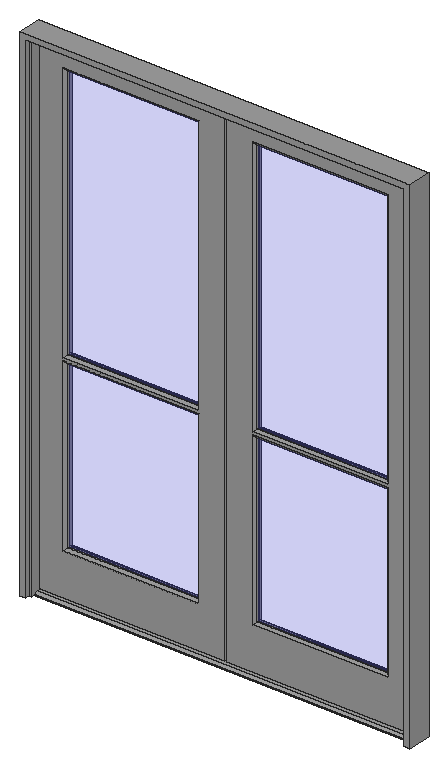
Revit family "WS-500 DOOR-Double-0.25-PD-CW_v05", category Curtain Panels, Revit 2015 (continued)
Definition of nested family "2.5x6-RTCIG CW-H8533-DHD-OHD SC-DI"
  Lines and regions (in)
    detail lines, in view "Ref. Level", detail levels fine
      curve 12: line (-1.15744, -0.875, 0) -> (-1.15744, -0.375, 0)
      curve 13: line (-1.15744, -0.375, 0) -> (-0.04794, -0.375, 0)
      curve 14: line (-0.04794, -0.375, 0) -> (-0.04794, -0.406, 0)
      curve 15: line (-0.04794, -0.406, 0) -> (0.20206, -0.406, 0)
      curve 16: line (0.28006, -0.328, 0) -> (0.03006, -0.328, 0)
      curve 17: line (0.03006, -0.328, 0) -> (0.03006, -0.25, 0)
      curve 18: line (0.03006, -0.25, 0) -> (-1.28244, -0.25, 0)
      curve 19: line (-1.28244, -0.25, 0) -> (-1.28244, -1, 0)
      curve 20: line (-1.28244, -1, 0) -> (3.21756, -1, 0)
      curve 21: line (3.21756, -1, 0) -> (3.21756, -0.25, 0)
      curve 22: line (3.21756, -0.25, 0) -> (1.90506, -0.25, 0)
      curve 23: line (1.90506, -0.25, 0) -> (1.90506, -0.328, 0)
      curve 24: line (1.90506, -0.328, 0) -> (1.65506, -0.328, 0)
      curve 25: line (0.74256, -1.173, 0) -> (0.74256, -1.143, 0)
      curve 26: line (0.74256, -1.143, 0) -> (0.79756, -1.143, 0)
      curve 27: line (0.79756, -1.143, 0) -> (0.79756, -1.438, 0)
      curve 28: line (0.79756, -1.438, 0) -> (0.74256, -1.438, 0)
      curve 29: line (0.74256, -1.438, 0) -> (0.74256, -1.408, 0)
      curve 30: line (0.68756, -1.408, 0) -> (0.68756, -1.5, 0)
      curve 31: line (0.68756, -1.5, 0) -> (2.31256, -1.5, 0)
      curve 32: line (2.31256, -1.5, 0) -> (2.31256, -1, 0)
      curve 33: line (2.31256, -1, 0) -> (2.00056, -1, 0)
      curve 34: line (2.04511, -1.062, 0) -> (2.25056, -1.062, 0)
      curve 35: line (2.25056, -1.062, 0) -> (2.25056, -1.438, 0)
      curve 36: line (2.25056, -1.438, 0) -> (0.85956, -1.438, 0)
      curve 37: line (0.85956, -1.438, 0) -> (0.85956, -1.053, 0)
      curve 38: line (0.85956, -1.053, 0) -> (0.95295, -1.053, 0)
      curve 39: line (0.99956, -1, 0) -> (0.79756, -1, 0)
      curve 40: line (0.79756, -1, 0) -> (0.79756, -1.081, 0)
      curve 41: line (0.79756, -1.081, 0) -> (0.74256, -1.081, 0)
      curve 42: line (0.74256, -1.081, 0) -> (0.74256, -1, 0)
      curve 43: line (0.74256, -1, 0) -> (0.68756, -1, 0)
      curve 44: line (0.68756, -1, 0) -> (0.68756, -1.173, 0)
      curve 45: line (-1.28244, 0, 0) -> (-1.28244, -1, 0)
      curve 46: line (-1.28244, -1, 0) -> (0.68756, -1, 0)
      curve 47: line (0.68756, -1, 0) -> (0.68756, -1.5, 0)
      curve 48: line (0.68756, -1.5, 0) -> (2.31256, -1.5, 0)
      curve 49: line (2.31256, -1.5, 0) -> (2.31256, -1, 0)
      curve 50: line (2.31256, -1, 0) -> (3.21756, -1, 0)
      curve 51: line (3.21756, -1, 0) -> (3.21756, 0, 0)
      curve 52: line (3.21756, 0, 0) -> (-1.28244, 0, 0)
      curve 53: arc (-1.28244, -0.25, 0) -> (-1.26095, -0.125, 0) -> (-1.28244, 0, 0) r 0.37439
      curve 54: arc (3.21756, 0, 0) -> (3.19608, -0.125, 0) -> (3.21756, -0.25, 0) r 0.37439
      curve 55: arc (1.95497, -1.14175, 0) -> (1.95619, -1.1362, 0) -> (1.95482, -1.13068, 0) r 0.0125
      curve 56: arc (1.98284, -1.14139, 0) -> (1.98406, -1.13584, 0) -> (1.9827, -1.13032, 0) r 0.0125
      curve 57: arc (1.01743, -1.13032, 0) -> (1.01607, -1.13584, 0) -> (1.01729, -1.14139, 0) r 0.0125
      curve 58: arc (1.0453, -1.13068, 0) -> (1.04394, -1.1362, 0) -> (1.04516, -1.14175, 0) r 0.0125
      curve 59: arc (1.10681, -1.025, 0) -> (1.10028, -1.02684, 0) -> (1.09567, -1.03182, 0) r 0.0125
      curve 60: arc (1.90446, -1.03183, 0) -> (1.89985, -1.02684, 0) -> (1.89332, -1.025, 0) r 0.0125
      curve 61: line (-1.03244, -0.25, 0) -> (-1.03244, 0, 0)
      curve 62: line (-1.03244, 0, 0) -> (2.96756, 0, 0)
      curve 63: line (2.96756, 0, 0) -> (2.96756, -0.25, 0)
      curve 64: line (2.96756, -0.25, 0) -> (-1.03244, -0.25, 0)
      curve 65: line (-1.03244, -0.25, 0) -> (2.96756, 0, 0)
      curve 66: line (-1.03244, 0, 0) -> (2.96756, -0.25, 0)
      curve 67: line (1.95497, -1.14175, 0) -> (1.89789, -1.26122, 0)
      curve 68: line (1.89789, -1.26122, 0) -> (1.92045, -1.272, 0)
      curve 69: line (1.92045, -1.272, 0) -> (1.98284, -1.14139, 0)
      curve 70: line (1.9827, -1.13032, 0) -> (1.92904, -1.025, 0)
      curve 71: line (1.92904, -1.025, 0) -> (1.95506, -1.025, 0)
      curve 72: line (1.95506, -1.025, 0) -> (1.95506, -1, 0)
      curve 73: line (1.95506, -1, 0) -> (1.04506, -1, 0)
      curve 74: line (1.04506, -1, 0) -> (1.04506, -1.025, 0)
      curve 75: line (1.04506, -1.025, 0) -> (1.07109, -1.025, 0)
      curve 76: line (1.07109, -1.025, 0) -> (1.01743, -1.13032, 0)
      curve 77: line (1.01729, -1.14139, 0) -> (1.07968, -1.272, 0)
      curve 78: line (1.07968, -1.272, 0) -> (1.10224, -1.26122, 0)
      curve 79: line (1.10224, -1.26122, 0) -> (1.04516, -1.14175, 0)
      curve 80: line (1.0453, -1.13068, 0) -> (1.09567, -1.03182, 0)
      curve 81: line (1.10681, -1.025, 0) -> (1.89332, -1.025, 0)
      curve 82: line (1.90446, -1.03183, 0) -> (1.95482, -1.13068, 0)
      curve 83: line (0.54796, -1.18033, 0) -> (0.56296, -1.18633, 0)
      curve 84: line (0.56296, -1.18633, 0) -> (0.57696, -1.19533, 0)
      curve 85: line (0.57696, -1.19533, 0) -> (0.60296, -1.19933, 0)
      curve 86: line (0.60296, -1.19933, 0) -> (0.62096, -1.20333, 0)
      curve 87: line (0.62096, -1.20333, 0) -> (0.65696, -1.20433, 0)
      curve 88: line (0.65696, -1.20433, 0) -> (0.67296, -1.20633, 0)
      curve 89: line (0.67296, -1.20633, 0) -> (0.69296, -1.20833, 0)
      curve 90: line (0.69296, -1.20833, 0) -> (0.69696, -1.21433, 0)
      curve 91: line (0.69696, -1.21433, 0) -> (0.70996, -1.20833, 0)
      curve 92: line (0.70996, -1.20833, 0) -> (0.69696, -1.21433, 0)
      curve 93: line (0.55396, -1.35233, 0) -> (0.58296, -1.35233, 0)
      curve 94: line (0.58296, -1.35233, 0) -> (0.60796, -1.35233, 0)
      curve 95: line (0.60796, -1.35233, 0) -> (0.62496, -1.35433, 0)
      curve 96: line (0.62496, -1.35433, 0) -> (0.65696, -1.35433, 0)
      curve 97: line (0.65696, -1.35433, 0) -> (0.67696, -1.35533, 0)
      curve 98: line (0.67696, -1.35533, 0) -> (0.70396, -1.36133, 0)
      curve 99: line (0.70396, -1.36133, 0) -> (0.67496, -1.36433, 0)
      curve 100: line (0.67496, -1.36433, 0) -> (0.68996, -1.37033, 0)
      curve 101: line (0.68996, -1.37033, 0) -> (0.67296, -1.36633, 0)
      curve 102: line (0.67296, -1.36633, 0) -> (0.65096, -1.36833, 0)
      curve 103: line (0.65096, -1.36833, 0) -> (0.58796, -1.37733, 0)
      curve 104: line (0.58796, -1.37733, 0) -> (0.60596, -1.37733, 0)
      curve 105: line (0.60596, -1.37733, 0) -> (0.61696, -1.37533, 0)
      curve 106: line (0.61696, -1.37533, 0) -> (0.63196, -1.37433, 0)
      curve 107: line (0.63196, -1.37433, 0) -> (0.65896, -1.37233, 0)
      curve 108: line (0.65896, -1.37233, 0) -> (0.67896, -1.37033, 0)
      curve 109: line (0.67896, -1.37033, 0) -> (0.65296, -1.36633, 0)
      curve 110: line (0.65296, -1.36633, 0) -> (0.62296, -1.36633, 0)
      curve 111: line (0.62296, -1.36633, 0) -> (0.58996, -1.36433, 0)
      curve 112: line (0.58996, -1.36433, 0) -> (0.54796, -1.36933, 0)
      curve 113: line (0.57196, -1.38433, 0) -> (0.58996, -1.38133, 0)
      curve 114: line (0.58996, -1.38133, 0) -> (0.54796, -1.38833, 0)
      curve 115: line (0.54796, -1.38833, 0) -> (0.57196, -1.38433, 0)
      curve 116: line (0.54996, -1.24133, 0) -> (0.56796, -1.23933, 0)
      curve 117: line (0.56796, -1.23933, 0) -> (0.58096, -1.23733, 0)
      curve 118: line (0.58096, -1.23733, 0) -> (0.59396, -1.23533, 0)
      curve 119: line (0.59396, -1.23533, 0) -> (0.61496, -1.23533, 0)
      curve 120: line (0.61496, -1.23533, 0) -> (0.62796, -1.23533, 0)
      curve 121: line (0.62796, -1.23533, 0) -> (0.65696, -1.23733, 0)
      curve 122: line (0.65696, -1.23733, 0) -> (0.67096, -1.23733, 0)
      curve 123: line (0.67096, -1.23733, 0) -> (0.67896, -1.23933, 0)
      curve 124: line (0.67896, -1.23933, 0) -> (0.69696, -1.24133, 0)
      curve 125: line (0.69696, -1.24133, 0) -> (0.71096, -1.24433, 0)
      curve 126: line (0.71096, -1.24433, 0) -> (0.72796, -1.25233, 0)
      curve 127: line (0.72796, -1.25233, 0) -> (0.74196, -1.25233, 0)
      curve 128: line (0.74196, -1.25233, 0) -> (0.72596, -1.24433, 0)
      curve 129: line (0.72596, -1.24433, 0) -> (0.71096, -1.25033, 0)
      curve 130: line (0.71096, -1.25033, 0) -> (0.70196, -1.25033, 0)
      curve 131: line (0.70196, -1.25033, 0) -> (0.68596, -1.25033, 0)
      curve 132: line (0.68596, -1.25033, 0) -> (0.67096, -1.24633, 0)
      curve 133: line (0.67096, -1.24633, 0) -> (0.65496, -1.24633, 0)
      curve 134: line (0.65496, -1.24633, 0) -> (0.62296, -1.24633, 0)
      curve 135: line (0.62296, -1.24633, 0) -> (0.60596, -1.24633, 0)
      curve 136: line (0.60596, -1.24633, 0) -> (0.59396, -1.24633, 0)
      curve 137: line (0.59396, -1.24633, 0) -> (0.54796, -1.25433, 0)
      curve 138: line (0.54996, -1.20833, 0) -> (0.56096, -1.20833, 0)
      curve 139: line (0.56096, -1.20833, 0) -> (0.58096, -1.20833, 0)
      curve 140: line (0.58096, -1.20833, 0) -> (0.59196, -1.20633, 0)
      curve 141: line (0.59196, -1.20633, 0) -> (0.59896, -1.20633, 0)
      curve 142: line (0.59896, -1.20633, 0) -> (0.60596, -1.20833, 0)
      curve 143: line (0.60596, -1.20833, 0) -> (0.62296, -1.21433, 0)
      curve 144: line (0.62296, -1.21433, 0) -> (0.65496, -1.21233, 0)
      curve 145: line (0.65496, -1.21233, 0) -> (0.66196, -1.21033, 0)
      curve 146: line (0.66196, -1.21033, 0) -> (0.67096, -1.21233, 0)
      curve 147: line (0.67096, -1.21233, 0) -> (0.68096, -1.21233, 0)
      curve 148: line (0.68096, -1.21233, 0) -> (0.68996, -1.21233, 0)
      curve 149: line (0.74596, -1.21033, 0) -> (0.73496, -1.21033, 0)
      curve 150: line (0.73496, -1.21033, 0) -> (0.74196, -1.21033, 0)
      curve 151: line (0.74196, -1.21033, 0) -> (0.75296, -1.21033, 0)
      curve 152: line (0.75296, -1.21033, 0) -> (0.76396, -1.21033, 0)
      curve 153: line (0.76396, -1.21033, 0) -> (0.77496, -1.20633, 0)
      curve 154: line (0.77896, -1.20633, 0) -> (0.76796, -1.20633, 0)
      curve 155: line (0.76796, -1.20633, 0) -> (0.76096, -1.20633, 0)
      curve 156: line (0.76096, -1.20633, 0) -> (0.75296, -1.20833, 0)
      curve 157: line (0.75296, -1.20833, 0) -> (0.74596, -1.21033, 0)
      curve 158: line (0.78096, -1.27033, 0) -> (0.76996, -1.27233, 0)
      curve 159: line (0.76996, -1.27233, 0) -> (0.75496, -1.27433, 0)
      curve 160: line (0.75496, -1.27433, 0) -> (0.74396, -1.27433, 0)
      curve 161: line (0.74396, -1.27433, 0) -> (0.73496, -1.27433, 0)
      curve 162: line (0.73496, -1.27433, 0) -> (0.71496, -1.27433, 0)
      curve 163: line (0.71496, -1.27433, 0) -> (0.69696, -1.27433, 0)
      curve 164: line (0.69696, -1.27433, 0) -> (0.67496, -1.27033, 0)
      curve 165: line (0.67496, -1.27033, 0) -> (0.65696, -1.27033, 0)
      curve 166: line (0.65696, -1.27033, 0) -> (0.60996, -1.27033, 0)
      curve 167: line (0.60996, -1.27033, 0) -> (0.57396, -1.27033, 0)
      curve 168: line (0.57396, -1.27033, 0) -> (0.54796, -1.26833, 0)
      curve 169: line (0.54796, -1.26133, 0) -> (0.56796, -1.26133, 0)
      curve 170: line (0.56796, -1.26133, 0) -> (0.59696, -1.26133, 0)
      curve 171: line (0.59696, -1.26133, 0) -> (0.62496, -1.26133, 0)
      curve 172: line (0.62496, -1.26133, 0) -> (0.66796, -1.26333, 0)
      curve 173: line (0.66796, -1.26333, 0) -> (0.70096, -1.26433, 0)
      curve 174: line (0.70096, -1.26433, 0) -> (0.71896, -1.26333, 0)
      curve 175: line (0.71896, -1.26333, 0) -> (0.73296, -1.26333, 0)
      curve 176: line (0.73296, -1.26333, 0) -> (0.75096, -1.26333, 0)
      curve 177: line (0.75096, -1.26333, 0) -> (0.76096, -1.26333, 0)
      curve 178: line (0.76096, -1.26333, 0) -> (0.76796, -1.26333, 0)
      curve 179: line (0.76796, -1.26333, 0) -> (0.78096, -1.26333, 0)
      curve 180: line (0.78096, -1.25133, 0) -> (0.76996, -1.25033, 0)
      curve 181: line (0.76996, -1.25033, 0) -> (0.76196, -1.25033, 0)
      curve 182: line (0.76196, -1.25033, 0) -> (0.75096, -1.25233, 0)
      curve 183: line (0.75096, -1.25233, 0) -> (0.74196, -1.25233, 0)
      curve 184: line (0.74196, -1.25233, 0) -> (0.74996, -1.24833, 0)
      curve 185: line (0.74996, -1.24833, 0) -> (0.76396, -1.24633, 0)
      curve 186: line (0.76396, -1.24633, 0) -> (0.77496, -1.24333, 0)
      curve 187: line (0.76996, -1.22433, 0) -> (0.75496, -1.22433, 0)
      curve 188: line (0.75496, -1.22433, 0) -> (0.74196, -1.22633, 0)
      curve 189: line (0.74196, -1.22633, 0) -> (0.73296, -1.22633, 0)
      curve 190: line (0.73296, -1.22633, 0) -> (0.70996, -1.22433, 0)
      curve 191: line (0.70996, -1.22433, 0) -> (0.69896, -1.22333, 0)
      curve 192: line (0.69896, -1.22333, 0) -> (0.67696, -1.22433, 0)
      curve 193: line (0.67696, -1.22433, 0) -> (0.65296, -1.22333, 0)
      curve 194: line (0.65296, -1.22333, 0) -> (0.62296, -1.22333, 0)
      curve 195: line (0.62296, -1.22333, 0) -> (0.59896, -1.22133, 0)
      curve 196: line (0.59896, -1.22133, 0) -> (0.58096, -1.22133, 0)
      curve 197: line (0.58096, -1.22133, 0) -> (0.56096, -1.22133, 0)
      curve 198: line (0.56096, -1.22133, 0) -> (0.54796, -1.22233, 0)
      curve 199: line (0.73496, -1.21033, 0) -> (0.71896, -1.21233, 0)
      curve 200: line (0.71896, -1.21233, 0) -> (0.70996, -1.20833, 0)
      curve 201: line (0.70996, -1.20833, 0) -> (0.72396, -1.20833, 0)
      curve 202: line (0.72396, -1.20833, 0) -> (0.73296, -1.21233, 0)
      curve 203: line (0.73296, -1.37433, 0) -> (0.74396, -1.37433, 0)
      curve 204: line (0.74396, -1.37433, 0) -> (0.76096, -1.37433, 0)
      curve 205: line (0.76096, -1.37433, 0) -> (0.77296, -1.37433, 0)
      curve 206: line (0.78096, -1.37033, 0) -> (0.77096, -1.37033, 0)
      curve 207: line (0.77096, -1.37033, 0) -> (0.75496, -1.37033, 0)
      curve 208: line (0.75496, -1.37033, 0) -> (0.74796, -1.36833, 0)
      curve 209: line (0.74796, -1.36833, 0) -> (0.74096, -1.36833, 0)
      curve 210: line (0.74096, -1.36833, 0) -> (0.72996, -1.36633, 0)
      curve 211: line (0.72996, -1.36633, 0) -> (0.71496, -1.36633, 0)
      curve 212: line (0.71496, -1.36633, 0) -> (0.70396, -1.36633, 0)
      curve 213: line (0.70396, -1.36633, 0) -> (0.68996, -1.37033, 0)
      curve 214: line (0.68996, -1.37033, 0) -> (0.70596, -1.37233, 0)
      curve 215: line (0.70596, -1.37233, 0) -> (0.72096, -1.37233, 0)
      curve 216: line (0.72096, -1.37233, 0) -> (0.73296, -1.37433, 0)
      curve 217: line (0.75896, -1.35433, 0) -> (0.74796, -1.35033, 0)
      curve 218: line (0.74796, -1.35033, 0) -> (0.76396, -1.34633, 0)
      curve 219: line (0.76396, -1.34633, 0) -> (0.77296, -1.34633, 0)
      curve 220: line (0.77296, -1.34633, 0) -> (0.78096, -1.34833, 0)
      curve 221: line (0.78096, -1.34833, 0) -> (0.77296, -1.35433, 0)
      curve 222: line (0.77296, -1.35433, 0) -> (0.76596, -1.35433, 0)
      curve 223: line (0.76596, -1.35433, 0) -> (0.75896, -1.35433, 0)
      curve 224: line (0.54796, -1.31033, 0) -> (0.55896, -1.31033, 0)
      curve 225: line (0.55896, -1.31033, 0) -> (0.58796, -1.30833, 0)
      curve 226: line (0.58796, -1.30833, 0) -> (0.61496, -1.30833, 0)
      curve 227: line (0.61496, -1.30833, 0) -> (0.62796, -1.30833, 0)
      curve 228: line (0.62796, -1.30833, 0) -> (0.66196, -1.31033, 0)
      curve 229: line (0.66196, -1.31033, 0) -> (0.68096, -1.31233, 0)
      curve 230: line (0.68096, -1.31233, 0) -> (0.69896, -1.31433, 0)
      curve 231: line (0.69896, -1.31433, 0) -> (0.72096, -1.31433, 0)
      curve 232: line (0.72096, -1.31433, 0) -> (0.73696, -1.31433, 0)
      curve 233: line (0.73696, -1.31433, 0) -> (0.75896, -1.31433, 0)
      curve 234: line (0.75896, -1.31433, 0) -> (0.76596, -1.31433, 0)
      curve 235: line (0.76596, -1.31433, 0) -> (0.77896, -1.31033, 0)
      curve 236: line (0.54796, -1.32333, 0) -> (0.57896, -1.32133, 0)
      curve 237: line (0.57896, -1.32133, 0) -> (0.60496, -1.31933, 0)
      curve 238: line (0.60496, -1.31933, 0) -> (0.61896, -1.31933, 0)
      curve 239: line (0.61896, -1.31933, 0) -> (0.66196, -1.31933, 0)
      curve 240: line (0.66196, -1.31933, 0) -> (0.67696, -1.32133, 0)
      curve 241: line (0.67696, -1.32133, 0) -> (0.70096, -1.32133, 0)
      curve 242: line (0.70096, -1.32133, 0) -> (0.71496, -1.32133, 0)
      curve 243: line (0.71496, -1.32133, 0) -> (0.73496, -1.32133, 0)
      curve 244: line (0.73496, -1.32133, 0) -> (0.75096, -1.32333, 0)
      curve 245: line (0.75096, -1.32333, 0) -> (0.76196, -1.32433, 0)
      curve 246: line (0.76196, -1.32433, 0) -> (0.77096, -1.32433, 0)
      curve 247: line (0.77096, -1.32433, 0) -> (0.78096, -1.32433, 0)
      curve 248: line (0.73296, -1.35433, 0) -> (0.74796, -1.35433, 0)
      curve 249: line (0.74796, -1.35433, 0) -> (0.72596, -1.35733, 0)
      curve 250: line (0.72596, -1.35733, 0) -> (0.73296, -1.35433, 0)
      curve 251: line (0.71296, -1.35533, 0) -> (0.70396, -1.36133, 0)
      curve 252: line (0.70396, -1.36133, 0) -> (0.72596, -1.35733, 0)
      curve 253: line (0.72596, -1.35733, 0) -> (0.71296, -1.35533, 0)
      curve 254: line (0.54796, -1.29533, 0) -> (0.57696, -1.29533, 0)
      curve 255: line (0.57696, -1.29533, 0) -> (0.60996, -1.29533, 0)
      curve 256: line (0.60996, -1.29533, 0) -> (0.65296, -1.29533, 0)
      curve 257: line (0.65296, -1.29533, 0) -> (0.67296, -1.29533, 0)
      curve 258: line (0.67296, -1.29533, 0) -> (0.69896, -1.29933, 0)
      curve 259: line (0.69896, -1.29933, 0) -> (0.70796, -1.29933, 0)
      curve 260: line (0.70796, -1.29933, 0) -> (0.72096, -1.30133, 0)
      curve 261: line (0.72096, -1.30133, 0) -> (0.73296, -1.30133, 0)
      curve 262: line (0.73296, -1.30133, 0) -> (0.74396, -1.30133, 0)
      curve 263: line (0.74396, -1.30133, 0) -> (0.75296, -1.30133, 0)
      curve 264: line (0.75296, -1.30133, 0) -> (0.76996, -1.29933, 0)
      curve 265: line (0.76996, -1.29933, 0) -> (0.77696, -1.29933, 0)
      curve 266: line (0.77696, -1.29933, 0) -> (0.77696, -1.2896, 0)
      curve 267: line (0.78096, -1.28933, 0) -> (0.76596, -1.29033, 0)
      curve 268: line (0.76596, -1.29033, 0) -> (0.75496, -1.29033, 0)
      curve 269: line (0.75496, -1.29033, 0) -> (0.74096, -1.29233, 0)
      curve 270: line (0.74096, -1.29233, 0) -> (0.70996, -1.28833, 0)
      curve 271: line (0.70996, -1.28833, 0) -> (0.69296, -1.28833, 0)
      curve 272: line (0.69296, -1.28833, 0) -> (0.67696, -1.28833, 0)
      curve 273: line (0.67696, -1.28833, 0) -> (0.66096, -1.28633, 0)
      curve 274: line (0.66096, -1.28633, 0) -> (0.62296, -1.28633, 0)
      curve 275: line (0.62296, -1.28633, 0) -> (0.60096, -1.28433, 0)
      curve 276: line (0.60096, -1.28433, 0) -> (0.56096, -1.28333, 0)
      curve 277: line (0.56096, -1.28333, 0) -> (0.54796, -1.28333, 0)
      curve 278: line (0.54796, -1.33833, 0) -> (0.57896, -1.33533, 0)
      curve 279: line (0.57896, -1.33533, 0) -> (0.61496, -1.33733, 0)
      curve 280: line (0.61496, -1.33733, 0) -> (0.65296, -1.33733, 0)
      curve 281: line (0.65296, -1.33733, 0) -> (0.67496, -1.33733, 0)
      curve 282: line (0.67496, -1.33733, 0) -> (0.69496, -1.33733, 0)
      curve 283: line (0.69496, -1.33733, 0) -> (0.70996, -1.33733, 0)
      curve 284: line (0.70996, -1.33733, 0) -> (0.72596, -1.33933, 0)
      curve 285: line (0.72596, -1.33933, 0) -> (0.73696, -1.33933, 0)
      curve 286: line (0.73696, -1.33933, 0) -> (0.74796, -1.33933, 0)
      curve 287: line (0.74796, -1.33933, 0) -> (0.75896, -1.33933, 0)
      curve 288: line (0.75896, -1.33933, 0) -> (0.77696, -1.33733, 0)
      curve 289: line (0.78096, -1.41933, 0) -> (0.78096, -1.15933, 0)
    detail lines, in view "Ref. Level", detail levels medium
      curve 290: arc (1.65506, -0.328, 0) -> (1.67791, -0.38315, 0) -> (1.73306, -0.406, 0) r 0.078
      curve 291: arc (0.20206, -0.406, 0) -> (0.25722, -0.38315, 0) -> (0.28006, -0.328, 0) r 0.078
      curve 292: arc (0.68756, -1.173, 0) -> (0.71506, -1.2005, 0) -> (0.74256, -1.173, 0) r 0.0275
      curve 293: arc (0.74256, -1.408, 0) -> (0.71506, -1.3805, 0) -> (0.68756, -1.408, 0) r 0.0275
      curve 294: arc (2.00056, -1, 0) -> (1.96239, -1.07442, 0) -> (2.04511, -1.062, 0) r 0.047
      curve 295: arc (0.95295, -1.053, 0) -> (1.03486, -1.07804, 0) -> (0.99956, -1, 0) r 0.047
      curve 296: line (1.73306, -0.406, 0) -> (1.98306, -0.406, 0)
      curve 297: line (1.98306, -0.406, 0) -> (1.98306, -0.375, 0)
      curve 298: line (1.98306, -0.375, 0) -> (3.09256, -0.375, 0)
      curve 299: line (3.09256, -0.375, 0) -> (3.09256, -0.875, 0)
      curve 300: line (3.09256, -0.875, 0) -> (-1.15744, -0.875, 0)
      curve 301: line (-1.15744, -0.875, 0) -> (-1.15744, -0.375, 0)
      curve 302: line (-1.15744, -0.375, 0) -> (-0.04794, -0.375, 0)
      curve 303: line (-0.04794, -0.375, 0) -> (-0.04794, -0.406, 0)
      curve 304: line (-0.04794, -0.406, 0) -> (0.20206, -0.406, 0)
      curve 305: line (0.28006, -0.328, 0) -> (0.03006, -0.328, 0)
      curve 306: line (0.03006, -0.328, 0) -> (0.03006, -0.25, 0)
      curve 307: line (0.03006, -0.25, 0) -> (-1.28244, -0.25, 0)
      curve 308: line (-1.28244, -0.25, 0) -> (-1.28244, -1, 0)
      curve 309: line (-1.28244, -1, 0) -> (3.21756, -1, 0)
      curve 310: line (3.21756, -1, 0) -> (3.21756, -0.25, 0)
      curve 311: line (3.21756, -0.25, 0) -> (1.90506, -0.25, 0)
      curve 312: line (1.90506, -0.25, 0) -> (1.90506, -0.328, 0)
      curve 313: line (1.90506, -0.328, 0) -> (1.65506, -0.328, 0)
      curve 314: line (0.74256, -1.173, 0) -> (0.74256, -1.143, 0)
      curve 315: line (0.74256, -1.143, 0) -> (0.79756, -1.143, 0)
      curve 316: line (0.79756, -1.143, 0) -> (0.79756, -1.438, 0)
      curve 317: line (0.79756, -1.438, 0) -> (0.74256, -1.438, 0)
      curve 318: line (0.74256, -1.438, 0) -> (0.74256, -1.408, 0)
      curve 319: line (0.68756, -1.408, 0) -> (0.68756, -1.5, 0)
      curve 320: line (0.68756, -1.5, 0) -> (2.31256, -1.5, 0)
      curve 321: line (2.31256, -1.5, 0) -> (2.31256, -1, 0)
      curve 322: line (2.31256, -1, 0) -> (2.00056, -1, 0)
      curve 323: line (2.04511, -1.062, 0) -> (2.25056, -1.062, 0)
      curve 324: line (2.25056, -1.062, 0) -> (2.25056, -1.438, 0)
      curve 325: line (2.25056, -1.438, 0) -> (0.85956, -1.438, 0)
      curve 326: line (0.85956, -1.438, 0) -> (0.85956, -1.053, 0)
      curve 327: line (0.85956, -1.053, 0) -> (0.95295, -1.053, 0)
      curve 328: line (0.99956, -1, 0) -> (0.79756, -1, 0)
      curve 329: line (0.79756, -1, 0) -> (0.79756, -1.081, 0)
      curve 330: line (0.79756, -1.081, 0) -> (0.74256, -1.081, 0)
      curve 331: line (0.74256, -1.081, 0) -> (0.74256, -1, 0)
      curve 332: line (0.74256, -1, 0) -> (0.68756, -1, 0)
      curve 333: line (0.68756, -1, 0) -> (0.68756, -1.173, 0)
      curve 334: line (-1.28244, 0, 0) -> (-1.28244, -1, 0)
      curve 335: line (-1.28244, -1, 0) -> (0.68756, -1, 0)
      curve 336: line (0.68756, -1, 0) -> (0.68756, -1.5, 0)
      curve 337: line (0.68756, -1.5, 0) -> (2.31256, -1.5, 0)
      curve 338: line (2.31256, -1.5, 0) -> (2.31256, -1, 0)
      curve 339: line (2.31256, -1, 0) -> (3.21756, -1, 0)
      curve 340: line (3.21756, -1, 0) -> (3.21756, 0, 0)
      curve 341: line (3.21756, 0, 0) -> (-1.28244, 0, 0)
    detail lines, in view "Ref. Level", not visible, detail levels fine
      curve 342: arc (1.65506, -0.328, 0) -> (1.67791, -0.38315, 0) -> (1.73306, -0.406, 0) r 0.078
      curve 343: arc (0.20206, -0.406, 0) -> (0.25722, -0.38315, 0) -> (0.28006, -0.328, 0) r 0.078
      curve 344: arc (0.68756, -1.173, 0) -> (0.71506, -1.2005, 0) -> (0.74256, -1.173, 0) r 0.0275
      curve 345: arc (0.74256, -1.408, 0) -> (0.71506, -1.3805, 0) -> (0.68756, -1.408, 0) r 0.0275
      curve 346: arc (2.00056, -1, 0) -> (1.96239, -1.07442, 0) -> (2.04511, -1.062, 0) r 0.047
      curve 347: arc (0.95295, -1.053, 0) -> (1.03486, -1.07804, 0) -> (0.99956, -1, 0) r 0.047
      curve 348: line (1.73306, -0.406, 0) -> (1.98306, -0.406, 0)
      curve 349: line (1.98306, -0.406, 0) -> (1.98306, -0.375, 0)
      curve 350: line (1.98306, -0.375, 0) -> (3.09256, -0.375, 0)
      curve 351: line (3.09256, -0.375, 0) -> (3.09256, -0.875, 0)
      curve 352: line (3.09256, -0.875, 0) -> (-1.15744, -0.875, 0)
      curve 353: line (-1.15744, -0.875, 0) -> (-1.15744, -0.375, 0)
      curve 354: line (-1.15744, -0.375, 0) -> (-0.04794, -0.375, 0)
      curve 355: line (-0.04794, -0.375, 0) -> (-0.04794, -0.406, 0)
      curve 356: line (-0.04794, -0.406, 0) -> (0.20206, -0.406, 0)
      curve 357: line (0.28006, -0.328, 0) -> (0.03006, -0.328, 0)
      curve 358: line (0.03006, -0.328, 0) -> (0.03006, -0.25, 0)
      curve 359: line (0.03006, -0.25, 0) -> (-1.28244, -0.25, 0)
      curve 360: line (-1.28244, -0.25, 0) -> (-1.28244, -1, 0)
      curve 361: line (-1.28244, -1, 0) -> (3.21756, -1, 0)
      curve 362: line (3.21756, -1, 0) -> (3.21756, -0.25, 0)
      curve 363: line (3.21756, -0.25, 0) -> (1.90506, -0.25, 0)
      curve 364: line (1.90506, -0.25, 0) -> (1.90506, -0.328, 0)
      curve 365: line (1.90506, -0.328, 0) -> (1.65506, -0.328, 0)
      curve 366: line (0.74256, -1.173, 0) -> (0.74256, -1.143, 0)
      curve 367: line (0.74256, -1.143, 0) -> (0.79756, -1.143, 0)
      curve 368: line (0.79756, -1.143, 0) -> (0.79756, -1.438, 0)
      curve 369: line (0.79756, -1.438, 0) -> (0.74256, -1.438, 0)
      curve 370: line (0.74256, -1.438, 0) -> (0.74256, -1.408, 0)
      curve 371: line (0.68756, -1.408, 0) -> (0.68756, -1.5, 0)
      curve 372: line (0.68756, -1.5, 0) -> (2.31256, -1.5, 0)
      curve 373: line (2.31256, -1.5, 0) -> (2.31256, -1, 0)
      curve 374: line (2.31256, -1, 0) -> (2.00056, -1, 0)
      curve 375: line (2.04511, -1.062, 0) -> (2.25056, -1.062, 0)
      curve 376: line (2.25056, -1.062, 0) -> (2.25056, -1.438, 0)
      curve 377: line (2.25056, -1.438, 0) -> (0.85956, -1.438, 0)
      curve 378: line (0.85956, -1.438, 0) -> (0.85956, -1.053, 0)
      curve 379: line (0.85956, -1.053, 0) -> (0.95295, -1.053, 0)
      curve 380: line (0.99956, -1, 0) -> (0.79756, -1, 0)
      curve 381: line (0.79756, -1, 0) -> (0.79756, -1.081, 0)
      curve 382: line (0.79756, -1.081, 0) -> (0.74256, -1.081, 0)
      curve 383: line (0.74256, -1.081, 0) -> (0.74256, -1, 0)
      curve 384: line (0.74256, -1, 0) -> (0.68756, -1, 0)
      curve 385: line (0.68756, -1, 0) -> (0.68756, -1.173, 0)
      curve 386: line (-1.28244, 0, 0) -> (-1.28244, -1, 0)
      curve 387: line (-1.28244, -1, 0) -> (0.68756, -1, 0)
      curve 388: line (0.68756, -1, 0) -> (0.68756, -1.5, 0)
      curve 389: line (0.68756, -1.5, 0) -> (2.31256, -1.5, 0)
      curve 390: line (2.31256, -1.5, 0) -> (2.31256, -1, 0)
      curve 391: line (2.31256, -1, 0) -> (3.21756, -1, 0)
      curve 392: line (3.21756, -1, 0) -> (3.21756, 0, 0)
      curve 393: line (3.21756, 0, 0) -> (-1.28244, 0, 0)
      curve 394: arc (-1.28244, -0.25, 0) -> (-1.26095, -0.125, 0) -> (-1.28244, 0, 0) r 0.37439
      curve 395: arc (3.21756, 0, 0) -> (3.19608, -0.125, 0) -> (3.21756, -0.25, 0) r 0.37439
      curve 396: arc (1.95497, -1.14175, 0) -> (1.95619, -1.1362, 0) -> (1.95482, -1.13068, 0) r 0.0125
      curve 397: arc (1.98284, -1.14139, 0) -> (1.98406, -1.13584, 0) -> (1.9827, -1.13032, 0) r 0.0125
      curve 398: arc (1.01743, -1.13032, 0) -> (1.01607, -1.13584, 0) -> (1.01729, -1.14139, 0) r 0.0125
      curve 399: arc (1.0453, -1.13068, 0) -> (1.04394, -1.1362, 0) -> (1.04516, -1.14175, 0) r 0.0125
      curve 400: arc (1.10681, -1.025, 0) -> (1.10028, -1.02684, 0) -> (1.09567, -1.03182, 0) r 0.0125
      curve 401: arc (1.90446, -1.03183, 0) -> (1.89985, -1.02684, 0) -> (1.89332, -1.025, 0) r 0.0125
      curve 402: line (-1.03244, -0.25, 0) -> (-1.03244, 0, 0)
      curve 403: line (-1.03244, 0, 0) -> (2.96756, 0, 0)
      curve 404: line (2.96756, 0, 0) -> (2.96756, -0.25, 0)
      curve 405: line (2.96756, -0.25, 0) -> (-1.03244, -0.25, 0)
      curve 406: line (-1.03244, -0.25, 0) -> (2.96756, 0, 0)
      curve 407: line (-1.03244, 0, 0) -> (2.96756, -0.25, 0)
      curve 408: line (1.95497, -1.14175, 0) -> (1.89789, -1.26122, 0)
      curve 409: line (1.89789, -1.26122, 0) -> (1.92045, -1.272, 0)
      curve 410: line (1.92045, -1.272, 0) -> (1.98284, -1.14139, 0)
      curve 411: line (1.9827, -1.13032, 0) -> (1.92904, -1.025, 0)
      curve 412: line (1.92904, -1.025, 0) -> (1.95506, -1.025, 0)
      curve 413: line (1.95506, -1.025, 0) -> (1.95506, -1, 0)
      curve 414: line (1.95506, -1, 0) -> (1.04506, -1, 0)
      curve 415: line (1.04506, -1, 0) -> (1.04506, -1.025, 0)
      curve 416: line (1.04506, -1.025, 0) -> (1.07109, -1.025, 0)
      curve 417: line (1.07109, -1.025, 0) -> (1.01743, -1.13032, 0)
      curve 418: line (1.01729, -1.14139, 0) -> (1.07968, -1.272, 0)
      curve 419: line (1.07968, -1.272, 0) -> (1.10224, -1.26122, 0)
      curve 420: line (1.10224, -1.26122, 0) -> (1.04516, -1.14175, 0)
      curve 421: line (1.0453, -1.13068, 0) -> (1.09567, -1.03182, 0)
      curve 422: line (1.10681, -1.025, 0) -> (1.89332, -1.025, 0)
      curve 423: line (1.90446, -1.03183, 0) -> (1.95482, -1.13068, 0)
      curve 424: line (0.54796, -1.18033, 0) -> (0.56296, -1.18633, 0)
      curve 425: line (0.56296, -1.18633, 0) -> (0.57696, -1.19533, 0)
      curve 426: line (0.57696, -1.19533, 0) -> (0.60296, -1.19933, 0)
      curve 427: line (0.60296, -1.19933, 0) -> (0.62096, -1.20333, 0)
      curve 428: line (0.62096, -1.20333, 0) -> (0.65696, -1.20433, 0)
      curve 429: line (0.65696, -1.20433, 0) -> (0.67296, -1.20633, 0)
      curve 430: line (0.67296, -1.20633, 0) -> (0.69296, -1.20833, 0)
      curve 431: line (0.69296, -1.20833, 0) -> (0.69696, -1.21433, 0)
      curve 432: line (0.69696, -1.21433, 0) -> (0.70996, -1.20833, 0)
      curve 433: line (0.70996, -1.20833, 0) -> (0.69696, -1.21433, 0)
      curve 434: line (0.55396, -1.35233, 0) -> (0.58296, -1.35233, 0)
      curve 435: line (0.58296, -1.35233, 0) -> (0.60796, -1.35233, 0)
      curve 436: line (0.60796, -1.35233, 0) -> (0.62496, -1.35433, 0)
      curve 437: line (0.62496, -1.35433, 0) -> (0.65696, -1.35433, 0)
      curve 438: line (0.65696, -1.35433, 0) -> (0.67696, -1.35533, 0)
      curve 439: line (0.67696, -1.35533, 0) -> (0.70396, -1.36133, 0)
      curve 440: line (0.70396, -1.36133, 0) -> (0.67496, -1.36433, 0)
      curve 441: line (0.67496, -1.36433, 0) -> (0.68996, -1.37033, 0)
      curve 442: line (0.68996, -1.37033, 0) -> (0.67296, -1.36633, 0)
      curve 443: line (0.67296, -1.36633, 0) -> (0.65096, -1.36833, 0)
      curve 444: line (0.65096, -1.36833, 0) -> (0.58796, -1.37733, 0)
      curve 445: line (0.58796, -1.37733, 0) -> (0.60596, -1.37733, 0)
      curve 446: line (0.60596, -1.37733, 0) -> (0.61696, -1.37533, 0)
      curve 447: line (0.61696, -1.37533, 0) -> (0.63196, -1.37433, 0)
      curve 448: line (0.63196, -1.37433, 0) -> (0.65896, -1.37233, 0)
      curve 449: line (0.65896, -1.37233, 0) -> (0.67896, -1.37033, 0)
      curve 450: line (0.67896, -1.37033, 0) -> (0.65296, -1.36633, 0)
      curve 451: line (0.65296, -1.36633, 0) -> (0.62296, -1.36633, 0)
      curve 452: line (0.62296, -1.36633, 0) -> (0.58996, -1.36433, 0)
      curve 453: line (0.58996, -1.36433, 0) -> (0.54796, -1.36933, 0)
      curve 454: line (0.57196, -1.38433, 0) -> (0.58996, -1.38133, 0)
      curve 455: line (0.58996, -1.38133, 0) -> (0.54796, -1.38833, 0)
      curve 456: line (0.54796, -1.38833, 0) -> (0.57196, -1.38433, 0)
      curve 457: line (0.54996, -1.24133, 0) -> (0.56796, -1.23933, 0)
      curve 458: line (0.56796, -1.23933, 0) -> (0.58096, -1.23733, 0)
      curve 459: line (0.58096, -1.23733, 0) -> (0.59396, -1.23533, 0)
      curve 460: line (0.59396, -1.23533, 0) -> (0.61496, -1.23533, 0)
      curve 461: line (0.61496, -1.23533, 0) -> (0.62796, -1.23533, 0)
      curve 462: line (0.62796, -1.23533, 0) -> (0.65696, -1.23733, 0)
      curve 463: line (0.65696, -1.23733, 0) -> (0.67096, -1.23733, 0)
      curve 464: line (0.67096, -1.23733, 0) -> (0.67896, -1.23933, 0)
      curve 465: line (0.67896, -1.23933, 0) -> (0.69696, -1.24133, 0)
      curve 466: line (0.69696, -1.24133, 0) -> (0.71096, -1.24433, 0)
      curve 467: line (0.71096, -1.24433, 0) -> (0.72796, -1.25233, 0)
      curve 468: line (0.72796, -1.25233, 0) -> (0.74196, -1.25233, 0)
      curve 469: line (0.74196, -1.25233, 0) -> (0.72596, -1.24433, 0)
      curve 470: line (0.72596, -1.24433, 0) -> (0.71096, -1.25033, 0)
      curve 471: line (0.71096, -1.25033, 0) -> (0.70196, -1.25033, 0)
      curve 472: line (0.70196, -1.25033, 0) -> (0.68596, -1.25033, 0)
      curve 473: line (0.68596, -1.25033, 0) -> (0.67096, -1.24633, 0)
      curve 474: line (0.67096, -1.24633, 0) -> (0.65496, -1.24633, 0)
      curve 475: line (0.65496, -1.24633, 0) -> (0.62296, -1.24633, 0)
      curve 476: line (0.62296, -1.24633, 0) -> (0.60596, -1.24633, 0)
      curve 477: line (0.60596, -1.24633, 0) -> (0.59396, -1.24633, 0)
      curve 478: line (0.59396, -1.24633, 0) -> (0.54796, -1.25433, 0)
      curve 479: line (0.54996, -1.20833, 0) -> (0.56096, -1.20833, 0)
      curve 480: line (0.56096, -1.20833, 0) -> (0.58096, -1.20833, 0)
      curve 481: line (0.58096, -1.20833, 0) -> (0.59196, -1.20633, 0)
      curve 482: line (0.59196, -1.20633, 0) -> (0.59896, -1.20633, 0)
      curve 483: line (0.59896, -1.20633, 0) -> (0.60596, -1.20833, 0)
      curve 484: line (0.60596, -1.20833, 0) -> (0.62296, -1.21433, 0)
      curve 485: line (0.62296, -1.21433, 0) -> (0.65496, -1.21233, 0)
      curve 486: line (0.65496, -1.21233, 0) -> (0.66196, -1.21033, 0)
      curve 487: line (0.66196, -1.21033, 0) -> (0.67096, -1.21233, 0)
      curve 488: line (0.67096, -1.21233, 0) -> (0.68096, -1.21233, 0)
      curve 489: line (0.68096, -1.21233, 0) -> (0.68996, -1.21233, 0)
      curve 490: line (0.74596, -1.21033, 0) -> (0.73496, -1.21033, 0)
      curve 491: line (0.73496, -1.21033, 0) -> (0.74196, -1.21033, 0)
      curve 492: line (0.74196, -1.21033, 0) -> (0.75296, -1.21033, 0)
      curve 493: line (0.75296, -1.21033, 0) -> (0.76396, -1.21033, 0)
      curve 494: line (0.76396, -1.21033, 0) -> (0.77496, -1.20633, 0)
      curve 495: line (0.77896, -1.20633, 0) -> (0.76796, -1.20633, 0)
      curve 496: line (0.76796, -1.20633, 0) -> (0.76096, -1.20633, 0)
      curve 497: line (0.76096, -1.20633, 0) -> (0.75296, -1.20833, 0)
      curve 498: line (0.75296, -1.20833, 0) -> (0.74596, -1.21033, 0)
      curve 499: line (0.78096, -1.27033, 0) -> (0.76996, -1.27233, 0)
      curve 500: line (0.76996, -1.27233, 0) -> (0.75496, -1.27433, 0)
      curve 501: line (0.75496, -1.27433, 0) -> (0.74396, -1.27433, 0)
      curve 502: line (0.74396, -1.27433, 0) -> (0.73496, -1.27433, 0)
      curve 503: line (0.73496, -1.27433, 0) -> (0.71496, -1.27433, 0)
      curve 504: line (0.71496, -1.27433, 0) -> (0.69696, -1.27433, 0)
      curve 505: line (0.69696, -1.27433, 0) -> (0.67496, -1.27033, 0)
      curve 506: line (0.67496, -1.27033, 0) -> (0.65696, -1.27033, 0)
      curve 507: line (0.65696, -1.27033, 0) -> (0.60996, -1.27033, 0)
      curve 508: line (0.60996, -1.27033, 0) -> (0.57396, -1.27033, 0)
      curve 509: line (0.57396, -1.27033, 0) -> (0.54796, -1.26833, 0)
      curve 510: line (0.54796, -1.26133, 0) -> (0.56796, -1.26133, 0)
      curve 511: line (0.56796, -1.26133, 0) -> (0.59696, -1.26133, 0)
      curve 512: line (0.59696, -1.26133, 0) -> (0.62496, -1.26133, 0)
      curve 513: line (0.62496, -1.26133, 0) -> (0.66796, -1.26333, 0)
      curve 514: line (0.66796, -1.26333, 0) -> (0.70096, -1.26433, 0)
      curve 515: line (0.70096, -1.26433, 0) -> (0.71896, -1.26333, 0)
      curve 516: line (0.71896, -1.26333, 0) -> (0.73296, -1.26333, 0)
      curve 517: line (0.73296, -1.26333, 0) -> (0.75096, -1.26333, 0)
      curve 518: line (0.75096, -1.26333, 0) -> (0.76096, -1.26333, 0)
      curve 519: line (0.76096, -1.26333, 0) -> (0.76796, -1.26333, 0)
      curve 520: line (0.76796, -1.26333, 0) -> (0.78096, -1.26333, 0)
      curve 521: line (0.78096, -1.25133, 0) -> (0.76996, -1.25033, 0)
      curve 522: line (0.76996, -1.25033, 0) -> (0.76196, -1.25033, 0)
      curve 523: line (0.76196, -1.25033, 0) -> (0.75096, -1.25233, 0)
      curve 524: line (0.75096, -1.25233, 0) -> (0.74196, -1.25233, 0)
      curve 525: line (0.74196, -1.25233, 0) -> (0.74996, -1.24833, 0)
      curve 526: line (0.74996, -1.24833, 0) -> (0.76396, -1.24633, 0)
      curve 527: line (0.76396, -1.24633, 0) -> (0.77496, -1.24333, 0)
      curve 528: line (0.76996, -1.22433, 0) -> (0.75496, -1.22433, 0)
      curve 529: line (0.75496, -1.22433, 0) -> (0.74196, -1.22633, 0)
      curve 530: line (0.74196, -1.22633, 0) -> (0.73296, -1.22633, 0)
      curve 531: line (0.73296, -1.22633, 0) -> (0.70996, -1.22433, 0)
      curve 532: line (0.70996, -1.22433, 0) -> (0.69896, -1.22333, 0)
      curve 533: line (0.69896, -1.22333, 0) -> (0.67696, -1.22433, 0)
      curve 534: line (0.67696, -1.22433, 0) -> (0.65296, -1.22333, 0)
      curve 535: line (0.65296, -1.22333, 0) -> (0.62296, -1.22333, 0)
      curve 536: line (0.62296, -1.22333, 0) -> (0.59896, -1.22133, 0)
      curve 537: line (0.59896, -1.22133, 0) -> (0.58096, -1.22133, 0)
      curve 538: line (0.58096, -1.22133, 0) -> (0.56096, -1.22133, 0)
      curve 539: line (0.56096, -1.22133, 0) -> (0.54796, -1.22233, 0)
      curve 540: line (0.73496, -1.21033, 0) -> (0.71896, -1.21233, 0)
      curve 541: line (0.71896, -1.21233, 0) -> (0.70996, -1.20833, 0)
      curve 542: line (0.70996, -1.20833, 0) -> (0.72396, -1.20833, 0)
      curve 543: line (0.72396, -1.20833, 0) -> (0.73296, -1.21233, 0)
      curve 544: line (0.73296, -1.37433, 0) -> (0.74396, -1.37433, 0)
      curve 545: line (0.74396, -1.37433, 0) -> (0.76096, -1.37433, 0)
      curve 546: line (0.76096, -1.37433, 0) -> (0.77296, -1.37433, 0)
      curve 547: line (0.78096, -1.37033, 0) -> (0.77096, -1.37033, 0)
      curve 548: line (0.77096, -1.37033, 0) -> (0.75496, -1.37033, 0)
      curve 549: line (0.75496, -1.37033, 0) -> (0.74796, -1.36833, 0)
      curve 550: line (0.74796, -1.36833, 0) -> (0.74096, -1.36833, 0)
      curve 551: line (0.74096, -1.36833, 0) -> (0.72996, -1.36633, 0)
      curve 552: line (0.72996, -1.36633, 0) -> (0.71496, -1.36633, 0)
      curve 553: line (0.71496, -1.36633, 0) -> (0.70396, -1.36633, 0)
      curve 554: line (0.70396, -1.36633, 0) -> (0.68996, -1.37033, 0)
      curve 555: line (0.68996, -1.37033, 0) -> (0.70596, -1.37233, 0)
      curve 556: line (0.70596, -1.37233, 0) -> (0.72096, -1.37233, 0)
      curve 557: line (0.72096, -1.37233, 0) -> (0.73296, -1.37433, 0)
      curve 558: line (0.75896, -1.35433, 0) -> (0.74796, -1.35033, 0)
      curve 559: line (0.74796, -1.35033, 0) -> (0.76396, -1.34633, 0)
      curve 560: line (0.76396, -1.34633, 0) -> (0.77296, -1.34633, 0)
      curve 561: line (0.77296, -1.34633, 0) -> (0.78096, -1.34833, 0)
      curve 562: line (0.78096, -1.34833, 0) -> (0.77296, -1.35433, 0)
      curve 563: line (0.77296, -1.35433, 0) -> (0.76596, -1.35433, 0)
      curve 564: line (0.76596, -1.35433, 0) -> (0.75896, -1.35433, 0)
      curve 565: line (0.54796, -1.31033, 0) -> (0.55896, -1.31033, 0)
      curve 566: line (0.55896, -1.31033, 0) -> (0.58796, -1.30833, 0)
      curve 567: line (0.58796, -1.30833, 0) -> (0.61496, -1.30833, 0)
      curve 568: line (0.61496, -1.30833, 0) -> (0.62796, -1.30833, 0)
      curve 569: line (0.62796, -1.30833, 0) -> (0.66196, -1.31033, 0)
      curve 570: line (0.66196, -1.31033, 0) -> (0.68096, -1.31233, 0)
      curve 571: line (0.68096, -1.31233, 0) -> (0.69896, -1.31433, 0)
      curve 572: line (0.69896, -1.31433, 0) -> (0.72096, -1.31433, 0)
      curve 573: line (0.72096, -1.31433, 0) -> (0.73696, -1.31433, 0)
      curve 574: line (0.73696, -1.31433, 0) -> (0.75896, -1.31433, 0)
      curve 575: line (0.75896, -1.31433, 0) -> (0.76596, -1.31433, 0)
      curve 576: line (0.76596, -1.31433, 0) -> (0.77896, -1.31033, 0)
      curve 577: line (0.54796, -1.32333, 0) -> (0.57896, -1.32133, 0)
      curve 578: line (0.57896, -1.32133, 0) -> (0.60496, -1.31933, 0)
      curve 579: line (0.60496, -1.31933, 0) -> (0.61896, -1.31933, 0)
      curve 580: line (0.61896, -1.31933, 0) -> (0.66196, -1.31933, 0)
      curve 581: line (0.66196, -1.31933, 0) -> (0.67696, -1.32133, 0)
      curve 582: line (0.67696, -1.32133, 0) -> (0.70096, -1.32133, 0)
      curve 583: line (0.70096, -1.32133, 0) -> (0.71496, -1.32133, 0)
      curve 584: line (0.71496, -1.32133, 0) -> (0.73496, -1.32133, 0)
      curve 585: line (0.73496, -1.32133, 0) -> (0.75096, -1.32333, 0)
      curve 586: line (0.75096, -1.32333, 0) -> (0.76196, -1.32433, 0)
      curve 587: line (0.76196, -1.32433, 0) -> (0.77096, -1.32433, 0)
      curve 588: line (0.77096, -1.32433, 0) -> (0.78096, -1.32433, 0)
      curve 589: line (0.73296, -1.35433, 0) -> (0.74796, -1.35433, 0)
      curve 590: line (0.74796, -1.35433, 0) -> (0.72596, -1.35733, 0)
      curve 591: line (0.72596, -1.35733, 0) -> (0.73296, -1.35433, 0)
      curve 592: line (0.71296, -1.35533, 0) -> (0.70396, -1.36133, 0)
      curve 593: line (0.70396, -1.36133, 0) -> (0.72596, -1.35733, 0)
      curve 594: line (0.72596, -1.35733, 0) -> (0.71296, -1.35533, 0)
      curve 595: line (0.54796, -1.29533, 0) -> (0.57696, -1.29533, 0)
      curve 596: line (0.57696, -1.29533, 0) -> (0.60996, -1.29533, 0)
      curve 597: line (0.60996, -1.29533, 0) -> (0.65296, -1.29533, 0)
      curve 598: line (0.65296, -1.29533, 0) -> (0.67296, -1.29533, 0)
      curve 599: line (0.67296, -1.29533, 0) -> (0.69896, -1.29933, 0)
      curve 600: line (0.69896, -1.29933, 0) -> (0.70796, -1.29933, 0)
      curve 601: line (0.70796, -1.29933, 0) -> (0.72096, -1.30133, 0)
      curve 602: line (0.72096, -1.30133, 0) -> (0.73296, -1.30133, 0)
      curve 603: line (0.73296, -1.30133, 0) -> (0.74396, -1.30133, 0)
      curve 604: line (0.74396, -1.30133, 0) -> (0.75296, -1.30133, 0)
      curve 605: line (0.75296, -1.30133, 0) -> (0.76996, -1.29933, 0)
      curve 606: line (0.76996, -1.29933, 0) -> (0.77696, -1.29933, 0)
      curve 607: line (0.77696, -1.29933, 0) -> (0.77696, -1.2896, 0)
      curve 608: line (0.78096, -1.28933, 0) -> (0.76596, -1.29033, 0)
      curve 609: line (0.76596, -1.29033, 0) -> (0.75496, -1.29033, 0)
      curve 610: line (0.75496, -1.29033, 0) -> (0.74096, -1.29233, 0)
      curve 611: line (0.74096, -1.29233, 0) -> (0.70996, -1.28833, 0)
      curve 612: line (0.70996, -1.28833, 0) -> (0.69296, -1.28833, 0)
      curve 613: line (0.69296, -1.28833, 0) -> (0.67696, -1.28833, 0)
      curve 614: line (0.67696, -1.28833, 0) -> (0.66096, -1.28633, 0)
      curve 615: line (0.66096, -1.28633, 0) -> (0.62296, -1.28633, 0)
      curve 616: line (0.62296, -1.28633, 0) -> (0.60096, -1.28433, 0)
      curve 617: line (0.60096, -1.28433, 0) -> (0.56096, -1.28333, 0)
      curve 618: line (0.56096, -1.28333, 0) -> (0.54796, -1.28333, 0)
      curve 619: line (0.54796, -1.33833, 0) -> (0.57896, -1.33533, 0)
      curve 620: line (0.57896, -1.33533, 0) -> (0.61496, -1.33733, 0)
      curve 621: line (0.61496, -1.33733, 0) -> (0.65296, -1.33733, 0)
      curve 622: line (0.65296, -1.33733, 0) -> (0.67496, -1.33733, 0)
      curve 623: line (0.67496, -1.33733, 0) -> (0.69496, -1.33733, 0)
      curve 624: line (0.69496, -1.33733, 0) -> (0.70996, -1.33733, 0)
      curve 625: line (0.70996, -1.33733, 0) -> (0.72596, -1.33933, 0)
      curve 626: line (0.72596, -1.33933, 0) -> (0.73696, -1.33933, 0)
      curve 627: line (0.73696, -1.33933, 0) -> (0.74796, -1.33933, 0)
      curve 628: line (0.74796, -1.33933, 0) -> (0.75896, -1.33933, 0)
      curve 629: line (0.75896, -1.33933, 0) -> (0.77696, -1.33733, 0)
      curve 630: line (0.78096, -1.41933, 0) -> (0.78096, -1.15933, 0)
    detail lines, in view "Ref. Level", not visible, detail levels medium
      curve 631: arc (8.63801, -2.3397, 0) -> (8.66086, -2.39486, 0) -> (8.71601, -2.4177, 0) r 0.078
      curve 632: arc (7.18501, -2.4177, 0) -> (7.24017, -2.39486, 0) -> (7.26301, -2.3397, 0) r 0.078
      curve 633: arc (7.67051, -3.1847, 0) -> (7.69801, -3.2122, 0) -> (7.72551, -3.1847, 0) r 0.0275
      curve 634: arc (7.72551, -3.4197, 0) -> (7.69801, -3.3922, 0) -> (7.67051, -3.4197, 0) r 0.0275
      curve 635: arc (8.98351, -3.0117, 0) -> (8.94534, -3.08613, 0) -> (9.02805, -3.0737, 0) r 0.047
      curve 636: arc (7.9359, -3.0647, 0) -> (8.0178, -3.08974, 0) -> (7.98251, -3.0117, 0) r 0.047
      curve 637: line (8.71601, -2.4177, 0) -> (8.96601, -2.4177, 0)
      curve 638: line (8.96601, -2.4177, 0) -> (8.96601, -2.3867, 0)
      curve 639: line (8.96601, -2.3867, 0) -> (10.07551, -2.3867, 0)
      curve 640: line (10.07551, -2.3867, 0) -> (10.07551, -2.8867, 0)
      curve 641: line (10.07551, -2.8867, 0) -> (5.82551, -2.8867, 0)
      curve 642: line (5.82551, -2.8867, 0) -> (5.82551, -2.3867, 0)
      curve 643: line (5.82551, -2.3867, 0) -> (6.93501, -2.3867, 0)
      curve 644: line (6.93501, -2.3867, 0) -> (6.93501, -2.4177, 0)
      curve 645: line (6.93501, -2.4177, 0) -> (7.18501, -2.4177, 0)
      curve 646: line (7.26301, -2.3397, 0) -> (7.01301, -2.3397, 0)
      curve 647: line (7.01301, -2.3397, 0) -> (7.01301, -2.2617, 0)
      curve 648: line (7.01301, -2.2617, 0) -> (5.70051, -2.2617, 0)
      curve 649: line (5.70051, -2.2617, 0) -> (5.70051, -3.0117, 0)
      curve 650: line (5.70051, -3.0117, 0) -> (10.20051, -3.0117, 0)
      curve 651: line (10.20051, -3.0117, 0) -> (10.20051, -2.2617, 0)
      curve 652: line (10.20051, -2.2617, 0) -> (8.88801, -2.2617, 0)
      curve 653: line (8.88801, -2.2617, 0) -> (8.88801, -2.3397, 0)
      curve 654: line (8.88801, -2.3397, 0) -> (8.63801, -2.3397, 0)
      curve 655: line (7.72551, -3.1847, 0) -> (7.72551, -3.1547, 0)
      curve 656: line (7.72551, -3.1547, 0) -> (7.78051, -3.1547, 0)
      curve 657: line (7.78051, -3.1547, 0) -> (7.78051, -3.4497, 0)
      curve 658: line (7.78051, -3.4497, 0) -> (7.72551, -3.4497, 0)
      curve 659: line (7.72551, -3.4497, 0) -> (7.72551, -3.4197, 0)
      curve 660: line (7.67051, -3.4197, 0) -> (7.67051, -3.5117, 0)
      curve 661: line (7.67051, -3.5117, 0) -> (9.29551, -3.5117, 0)
      curve 662: line (9.29551, -3.5117, 0) -> (9.29551, -3.0117, 0)
      curve 663: line (9.29551, -3.0117, 0) -> (8.98351, -3.0117, 0)
      curve 664: line (9.02805, -3.0737, 0) -> (9.23351, -3.0737, 0)
      curve 665: line (9.23351, -3.0737, 0) -> (9.23351, -3.4497, 0)
      curve 666: line (9.23351, -3.4497, 0) -> (7.84251, -3.4497, 0)
      curve 667: line (7.84251, -3.4497, 0) -> (7.84251, -3.0647, 0)
      curve 668: line (7.84251, -3.0647, 0) -> (7.9359, -3.0647, 0)
      curve 669: line (7.98251, -3.0117, 0) -> (7.78051, -3.0117, 0)
      curve 670: line (7.78051, -3.0117, 0) -> (7.78051, -3.0927, 0)
      curve 671: line (7.78051, -3.0927, 0) -> (7.72551, -3.0927, 0)
      curve 672: line (7.72551, -3.0927, 0) -> (7.72551, -3.0117, 0)
      curve 673: line (7.72551, -3.0117, 0) -> (7.67051, -3.0117, 0)
      curve 674: line (7.67051, -3.0117, 0) -> (7.67051, -3.1847, 0)
      curve 675: line (5.70051, -2.0117, 0) -> (5.70051, -3.0117, 0)
      curve 676: line (5.70051, -3.0117, 0) -> (7.67051, -3.0117, 0)
      curve 677: line (7.67051, -3.0117, 0) -> (7.67051, -3.5117, 0)
      curve 678: line (7.67051, -3.5117, 0) -> (9.29551, -3.5117, 0)
      curve 679: line (9.29551, -3.5117, 0) -> (9.29551, -3.0117, 0)
      curve 680: line (9.29551, -3.0117, 0) -> (10.20051, -3.0117, 0)
      curve 681: line (10.20051, -3.0117, 0) -> (10.20051, -2.0117, 0)
      curve 682: line (10.20051, -2.0117, 0) -> (5.70051, -2.0117, 0)
  Dimensions and locks (in)
    aligned and locked: curve 334 to curve 45
    aligned and locked: import instance to curve 340
    aligned and locked: import instance to plane 1 "Center (Front/Back)"
